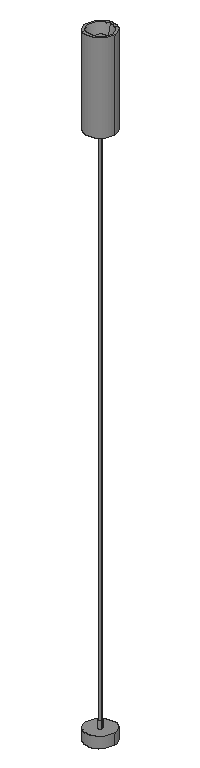
Revit family "2061001 Sylvania Lighting Fixture TubiXx LED pendant 3000K black-gold", category Lighting Fixtures, host Face, Revit 2016
Family settings
  Host = Face
  Part Type = Normal
  Round Connector Dimension = Use Diameter
  OmniClass Number = 23.80.70.00
  OmniClass Title = Lighting
  Cut with Voids When Loaded = No
  Light Source = Yes
  Shared = No
  Room Calculation Point = No
Parameters (values of type "2061001 TUBIXX LED PENDANT 3000K BLACK-GOLD")
  Weight = "n/a"
  Wattage Comments = ""
  Wattage = 9.2903 W
  WarrantyStartDate [instance] = "n/a"
  WarrantyGuarantorParts = "n/a"
  WarrantyDurationUnit = "n/a"
  WarrantyDurationParts = ""
  WarrantyDescription = "http://www.sylvania-lighting.com"
  built-in parameter 1150110 = 1 (stored number, unit not read)
  Voltage = 0 V
  URL = "0.95"
  TypeName = "TubiXx LED pendant 3000K black-gold"
  Type Image = <None>
  Type Comments = "n/a"
  Tube Length = 250 mm
  Tube Diameter = 80 mm
  built-in parameter 1114217 = 1 (stored number, unit not read)
  Tilt Angle = 90.00°
  built-in parameter 1150109 = 1 (stored number, unit not read)
  built-in parameter 1150134 = 3
  built-in parameter 1150113 = 1 (stored number, unit not read)
  SerialNumber [instance] = "n/a"
  Recess Depth = 28.015 mm
  Photometric Web File = "2061001.ies"
  Material_3_FEILO = none
  PowerFactor = 0
  PowerConsumption = "Lighting"
  NominalLength = 0 mm
  NominalHeight = 0 mm
  NominalDepth = 0 mm
  Name = "TubiXx LED pendant 3000K black-gold"
  ModelReference = Name  # "TubiXx LED pendant 3000K black-gold"
  ModelNumber = "2061001"
  Model = Name  # "TubiXx LED pendant 3000K black-gold"
  Material = "Feilo Sylvania"
  ManufacturerName = "88 lm/W"
  Manufacturer = ""
  LuminousEfficacy = ""
  built-in parameter 1150105 = 109.82 (stored number, unit not read)
  Lumens = 1380 lm
  LuminaireType = "0"
  built-in parameter 1150115 = 1 (stored number, unit not read)
  LightOutputRatio = "LED"
  built-in parameter 1150137 = (empty or 0)
  built-in parameter 1150139 = (empty or 0)
  LampsType = Lamp  # "n/a"
  LampNominalLuminous = "3000 K"
  LampMacAdamStep = "92"
  LampColourTemperature = "LED"
  LampColourRenderingIndex = "16500"
  built-in parameter 1150112 = 1 (stored number, unit not read)
  built-in parameter 1150114 = 1 (stored number, unit not read)
  Lamp = "n/a"
  Keynote = "n/a"
  InstallationDate [instance] = "n/a"
  InputVoltage = "0"
  InputNominalFrequency = "3000"
  built-in parameter 1150132 = (empty or 0)
  built-in parameter 1150102 = (empty or 0)
  built-in parameter 1150107 = 3200 (stored number, unit not read)
  built-in parameter 1150138 = (empty or 0)
  IngressProtection = "IfcLightFixtureType"
  ImpactProtectionIndex = "IfcLightFixtureType"
  built-in parameter 1150106 = 1.0982 (stored number, unit not read)
  IfcExportType = "IfcLightFixtureType"
  IfcExportAs = "Class I"
  ExpectedLife = 50000
  Emit from Circle Diameter = 609.6 mm
  Emit Shape Visible in Rendering = no
  ElectricShockClassification = "88"
  built-in parameter 1150104 = 13.8 (stored number, unit not read)
  DurationUnit = "hours"
  DocumentationLiterature = "http://www.sylvania-lighting.com/product/en-int/products/2061001"
  DimmingControlOptions = "n/a"
  Material_2_FEILO = none
  Dimming Lamp Color Temperature Shift = <None>
  Description = "TubiXx LED Pendant is a decorative pendant fixture with integrated driver, equipped with an integrated non-dimmable LED driver, Black finish with Gold reflector, colour temperature 3000K, 14W, 1234lm, 88lm/W, IP20, IK02, Class I. Dimensions 250mmx80mm."
  Default Elevation = 1219.2 mm
  CreatedOn = "22/11/2019"
  CreatedBy = "@sylvania-lighting.com"
  Cost = 0
  Color Filter = 16777215
  built-in parameter 1114216 [instance] = (empty or 0)
  ClassificationValue = "EF_70_80"
  ClassificationName = "Uniclass2015"
  Material_1_FEILO = none
  Ceiling Rose Depth = 30 mm
  Cable Length = 1500 mm
  BarCode [instance] = "n/a"
  built-in parameter 1114218 = 1 (stored number, unit not read)
  built-in parameter 1150133 = 10 (stored number, unit not read)
  AssetType = "Fixed"
  AssetIdentifier [instance] = "n/a"
  Assembly Code = "D5020200"
  Apparent Load = 14 VA
  Material_4_FEILO = none
Reference planes
  plane 1 "Center (Front/Back)": y = 0
  plane 2: z = 0
  plane 3 "Center (Left/Right)": x = 0
  plane 4: x = 40
  plane 5: x = -40
  plane 6: y = 40
  plane 7: y = -40
  plane 8: z = 0
  plane 9: z = 30.144
  plane 10: z = 1530.144
  plane 11: z = 1752.129
  plane 12: z = 1780.144
Forms (mm)
  Extrusion 1, solid, material "Aluminum", detail levels medium+fine
    sketch origin (4.2, 0, 0) x (1, 0, 0) y (0, 1, 0)
      loop
        circle (-4.2, 0) r 40
    from 1530.144 to 1780.144
  Blend 2, void
    base sketch origin (4.2, 0, 0) x (0, 1, 0) y (-1, 0, 0)
      loop
        circle (0, 4.2) r 25
    top sketch origin (4.2, 0, 0) x (0, 1, 0) y (-1, 0, 0)
      loop
        circle (0, 4.2) r 34
    from 1752.144 to 1780.144
  Extrusion 3, solid, material "Plastic, Opaque Black", detail levels fine
    sketch origin (3.621, -0.001, 1239.938) x (0, 1, 0) y (1, 0, 0)
      loop
        circle (0.002, -3.635) r 6
    from -290.206 to -270.206
  Extrusion 4, solid, detail levels coarse
    sketch origin (4.25, 0.033, 1530.144) x (0, 1, 0) y (1, 0, 0)
      loop
        line (39.967, 35.75) -> (-40.071, 35.75) -> (-40.071, -44.142) -> (39.967, -44.142) -> (39.967, 35.75)
    from -250 to 1530.144
  Extrusion 5, solid, material "Glass, White, High Luminance", detail levels fine
    sketch origin (4.2, 0, 1752.144) x (0, 1, 0) y (-1, 0, 0)
      loop
        circle (0.004, 4.166) r 25.024
    from 0 to 2
  Extrusion 6, solid, material "Fabric", detail levels medium+fine
    sketch origin (3.621, -0.001, 1219.938) x (-1, 0, 0) y (0, 1, 0)
      loop
        circle (3.63, 0.003) r 3.5
    from -310.206 to 1189.938
  Extrusion 7, solid, material "Plastic, Opaque Black", detail levels fine
    sketch origin (4.2, 0, 30) x (1, 0, 0) y (0, 1, 0)
      loop
        circle (-4.215, 0.002) r 6
    from 0 to 20
  Extrusion 8, solid, material "Aluminum", detail levels medium+fine
    sketch origin (4.2, 0, 0) x (1, 0, 0) y (0, 1, 0)
      loop
        circle (-4.2, 0) r 40
    from 0 to 30
Cuts and joins
  Blend 2 cuts Extrusion 1
Dimensions and locks
  "Tube Diameter": plane 5 to plane 4
  equal spacing: plane 5, plane 3 "Center (Left/Right)", plane 4, locked at 40 each
  "Tube Diameter": plane 6 to plane 7
  equal spacing: plane 6, plane 1 "Center (Front/Back)", plane 7, locked at 40 each
  "Cable Length": plane 10 to plane 9
  "Recess Depth": plane 12 to plane 11
  "Tube Length": plane 12 to plane 10
  aligned and locked: plane 2 to host face
  aligned and locked: level to host face
  aligned and locked: Extrusion 4 to cut or joined group of Extrusion 1, Blend 2
Automatic sketch dimensions
  host sketch curve to host sketch curve = 2438.4 mm  (x2)
  plane 1 "Center (Front/Back)" to Extrusion 1 sketch curve = 0 mm
  Extrusion 1 sketch curve to plane 3 "Center (Left/Right)" = 0 mm
  plane 1 "Center (Front/Back)" to Blend 2 sketch curve = 0 mm  (x2)
  Blend 2 sketch curve to plane 3 "Center (Left/Right)" = 0 mm  (x2)
  Extrusion 4 sketch curve to Extrusion 4 sketch curve = 80.038 mm
  Extrusion 4 sketch curve to Extrusion 4 sketch curve = 79.892 mm
  Extrusion 7 sketch curve to plane 1 "Center (Front/Back)" = 0.002 mm
  Extrusion 7 sketch curve to plane 3 "Center (Left/Right)" = 0.015 mm
  plane 1 "Center (Front/Back)" to Extrusion 8 sketch curve = 0 mm
  Extrusion 8 sketch curve to plane 3 "Center (Left/Right)" = 0 mm
  radius of Extrusion 1 sketch curve = 40 mm
  radius of Blend 2 sketch curve = 25 mm
  radius of Blend 2 sketch curve = 34 mm
  radius of Extrusion 3 sketch curve = 6 mm
  radius of Extrusion 5 sketch curve = 25.024 mm
  radius of Extrusion 6 sketch curve = 3.5 mm
  radius of Extrusion 7 sketch curve = 6 mm
  radius of Extrusion 8 sketch curve = 40 mm
Connectors
  electrical at (0, 0, 0)
    settings: on Extrusion 8, index 1, voltage 0 V, apparent load 0 VA, apparent load phase1 0 VA, apparent load phase2 0 VA, apparent load phase3 0 VA, power factor 1, load classification "Other", number of poles 1, system type 31, power factor state 1, is connector primary yes, connector utility no, sub classification motor no, connector description ""
